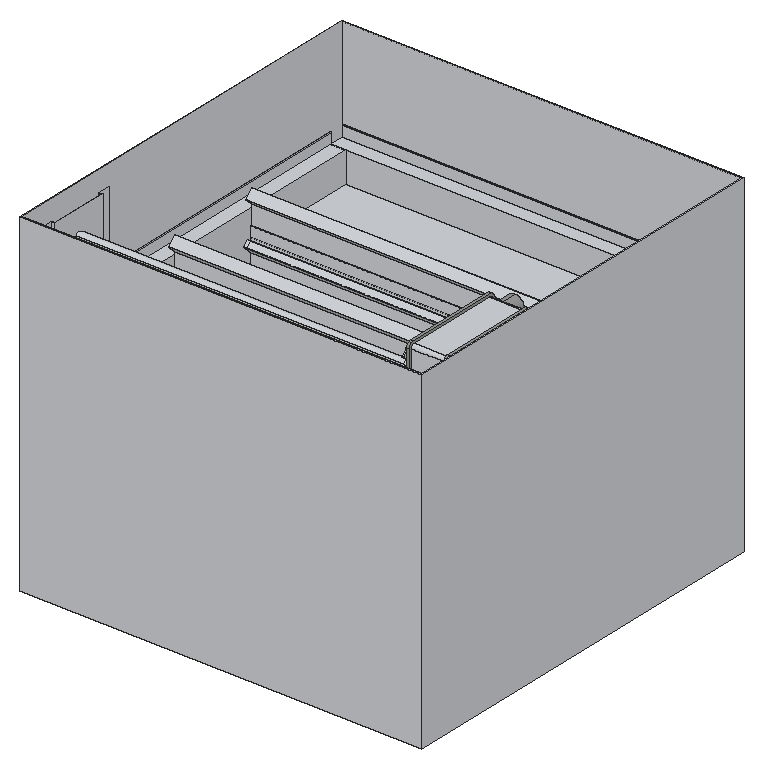
Revit family "FS-3V-CR-I, FS-3V-CR-II", category Mechanical Equipment, Revit 2015
Parameters
  URL = "https://unitedenertech.com/catalog/pdf/B-15%20%20FS-3V-CR-I.pdf"
  Type Comments = "Max. Size is 24\"w x 24\"h"
  Model = "F/S-3V-CR-I, F/S-3V-CR-II"
  Manufacturer = "United Enertech Corporation"
  Keynote = "FSLF-120 Actuator Shown In the Air Stream, Consult Factory for Out of the Air Stream Placement in Models. See Website for Correct Actuator for Damper Size."
  Exact Width = 2' - 0"
  Exact Height = 2' - 0"
  Description = "Combination Fire/Smoke Corridor Damper"
  Depth = 1' - 8"
Reference planes (in)
  plane 1 "Center (Front/Back)": y = 0
  plane 2: z = 0
  plane 3 "Center (Left/Right)": x = 0
  plane 4: x = -12
  plane 5: x = 12
  plane 6: y = 12
  plane 7: y = -12
  plane 8: z = 20
Dimensions and locks (in)
  equal spacing: plane 4, plane 3 "Center (Left/Right)", plane 5
  "Exact Width": plane 4 to plane 5
  equal spacing: plane 6, plane 1 "Center (Front/Back)", plane 7
  "Exact Height": plane 6 to plane 7
  "Depth": plane 8 to level
  aligned and locked: level to plane 2
  aligned and locked: plane 3 "Center (Left/Right)" to nested 1
  aligned and locked: plane 1 "Center (Front/Back)" to nested 1
  aligned and locked: plane 8 to nested 1
Nested families (in)
  nested 1: "FS-3V-I, FS-3V-II for CRRRR" at (0, 12, 9.5) x (1, 0, 0) z (0, -1, 0), type "FS-3V-I, FS-3V-II for CRRRR"
    with Blade Number 3, BW 1' - 9 1/2", Exact Width 2' - 0", Exact Height 2' - 0"
Definition of nested family "FS-3V-I, FS-3V-II for CRRRR"
  Parameters (values of type "FS-3V-I, FS-3V-II for CRRRR")
    URL = "http://unitedenertech.com/catalog/pdf/B-1%20%20FS-3V-I%20(-3-I)%202014.pdf-color.pdf"
    Type Comments = "Max. Single Section Size is 36\"w x 48\"h, Max. Sizes are (1.5 Hour Vertical 108\"w x 96\"h), (1.5 Hour Horizontal 72\"w x 96\"h), (3 Hour Vertical 72\"w x 48\"h), (3 Hour Horizontal 72\"w x 48\"h)"
    Model = "F/S-3V-I, F/S-3V-II"
    Manufacturer = "United Enertech Corporation"
    Keynote = "FSLF-120 Actuator Shown In the Air Stream, Consult Factory for Out of the Air Stream Placement in Models. See Website for Correct Actuator for Damper Size."
    Exact Width = 3' - 0"
    Exact Height = 3' - 3"
    Description = "Combination Fire/Smoke Damper"
    Depth = 1' - 8"
    Blade Spacing = 0' - 5 3/4"
    Blade Number [instance] = rounddown((Exact Height - 0' 3") / Blade Spacing)  # 6
    BW [instance] = Exact Width - 0' 2 1/2"  # 2' - 9 1/2"
  Reference planes (in)
    plane 1 "Center (Front/Back)": y = 0
    plane 2: z = 0
    plane 3 "Center (Left/Right)": x = 0
    plane 4: z = 39
    plane 5: x = -18
    plane 6: x = 18
    plane 7: z = 0.0359
    plane 8: z = 38.9641
    plane 9: x = -17.9641
    plane 10: x = 17.9641
    plane 11: y = 10.5
    plane 12: y = -9.5
    plane 13: y = 5
    plane 14: z = 0.9348
    plane 15: z = 38.0293
    plane 16: x = -17.0293
    plane 17: x = 17.0293
    plane 18: z = 35.27732
    plane 19: y = 4.3098
    plane 20: z = 37.5
    plane 21: z = 26.4428
    plane 22: z = 35.24218
    plane 23: z = 34.78895
    plane 24: z = 35.97045
    plane 25: y = 2.5
    plane 26: z = 19.5
  Forms (in)
    Extrusion 1, solid
      sketch origin (0, 0, 0) x (1, 0, 0) y (0, 0, 1)
        loop
          line (-17.9641, 38.9641) -> (-17.9641, 0.0359) -> (17.9641, 0.0359) -> (17.9641, 38.9641) -> (-17.9641, 38.9641)
        loop
          line (-18, 39) -> (-18, 0) -> (18, 0) -> (18, 39) -> (-18, 39)
      from -10.5 to 9.5
    Extrusion 2, solid
      sketch origin (23.93472, -8.11588, 0) x (1, 0, 0) y (0, 1, 0)
        loop
          line (-41.83902, 8.11588) -> (-41.83902, 8.17568) -> (-41.83902, 8.80608) -> (-40.96402, 8.80608) -> (-40.96402, 12.42568) -> (-41.83902, 12.42568) -> (-41.83902, 13.05608) -> (-41.83902, 13.11588) -> (-41.89882, 13.11588) -> (-41.89882, 12.36588) -> (-41.02382, 12.36588) -> (-41.02382, 8.86588) -> (-41.89882, 8.86588) -> (-41.89882, 8.11588) -> (-41.83902, 8.11588)
      from 0.9348 to 38.0293
    Extrusion 3, solid
      sketch origin (31.96104, -8.11588, 36.89882) x (0, 0, 1) y (0, 1, 0)
        loop
          line (-36.83902, 8.17568) -> (-36.83902, 8.80608) -> (-35.96402, 8.80608) -> (-35.96402, 12.42568) -> (-36.83902, 12.42568) -> (-36.83902, 13.05608) -> (-36.83902, 13.11588) -> (-36.89882, 13.11588) -> (-36.89882, 12.36588) -> (-36.02382, 12.36588) -> (-36.02382, 8.86588) -> (-36.89882, 8.86588) -> (-36.89882, 8.11588) -> (-36.83902, 8.11588) -> (-36.83902, 8.17568)
      from 13.99694 to 49.92514
    Extrusion 4, solid
      sketch origin (26.89178, -32.02709, 32.33205) x (0, -1, 0) y (0, 0, -1)
        loop
          line (-34.52709, -5.19725) -> (-34.52709, -5.69725) -> (-33.77709, -5.69725) -> (-33.77709, -5.61625) -> (-34.44609, -5.61625) -> (-34.44609, -5.19725) -> (-34.52709, -5.19725)
      from -43.92108 to -9.86248
    Extrusion 5, solid
      sketch origin (62.39247, 12.14851, 0.33329) x (0, 1, 0) y (0, 0, 1)
        loop
          line (-9.64851, 3.60151) -> (-9.72663, 3.60151) -> (-9.72663, 0.67964) -> (-10.39851, 0.67964) -> (-10.39851, 0.60151) -> (-9.64851, 0.60151) -> (-9.64851, 3.60151)
      from -79.42177 to -45.36317
    Extrusion 6, solid
      sketch origin (-23.93472, -8.11588, 0) x (-1, 0, 0) y (0, -1, 0)
        loop
          line (-41.83902, -8.11588) -> (-41.89882, -8.11588) -> (-41.89882, -8.86588) -> (-41.02382, -8.86588) -> (-41.02382, -12.36588) -> (-41.89882, -12.36588) -> (-41.89882, -13.11588) -> (-41.83902, -13.11588) -> (-41.83902, -13.05608) -> (-41.83902, -12.42568) -> (-40.96402, -12.42568) -> (-40.96402, -8.80608) -> (-41.83902, -8.80608) -> (-41.83902, -8.17568) -> (-41.83902, -8.11588)
      from 0.9348 to 38.0293
    Extrusion 7, solid
      sketch origin (31.96104, -8.11588, 11.06528) x (0, 0, -1) y (0, -1, 0)
        loop
          line (-27.83902, -8.17568) -> (-27.83902, -8.11588) -> (-27.89882, -8.11588) -> (-27.89882, -8.86588) -> (-27.02382, -8.86588) -> (-27.02382, -12.36588) -> (-27.89882, -12.36588) -> (-27.89882, -13.11588) -> (-27.83902, -13.11588) -> (-27.83902, -13.05608) -> (-27.83902, -12.42568) -> (-26.96402, -12.42568) -> (-26.96402, -8.80608) -> (-27.83902, -8.80608) -> (-27.83902, -8.17568)
      from 13.99694 to 49.92514
    Extrusion 8, solid
      sketch origin (0, 0, 0) x (0, 1, 0) y (0, 0, 1)
        loop
          line (7.9528, 35.24218) -> (7.6668, 35.24218)
          arc (7.6668, 35.24218) -> (7.8098, 34.71875) -> (7.9528, 35.24218) r 0.28125
      from -17.9641 to 17.9641
  Dimensions and locks (in)
    "Exact Height": plane 4 to level
    equal spacing: plane 5, plane 3 "Center (Left/Right)", plane 6
    "Exact Width": plane 5 to plane 6
    locked: plane 7 to level at 0.0359
    locked: plane 4 to plane 8 at 0.0359
    locked: plane 5 to plane 9 at 0.0359
    locked: plane 10 to plane 6 at 0.0359
    "Depth": plane 11 to plane 12
    locked: plane 1 "Center (Front/Back)" to plane 13 at 5
    locked: plane 14 to level at 0.9348
    locked: plane 8 to plane 15 at 0.9348
    locked: plane 16 to plane 9 at 0.9348
    locked: plane 10 to plane 17 at 0.9348
    locked: plane 4 to plane 18 at 3.72268
    locked: plane 13 to plane 19 at 0.6902
    locked: plane 4 to plane 20 at 1.5
    locked: plane 4 to plane 21 at 12.5572
    locked: plane 4 to plane 22 at 3.75782
    locked: plane 4 to plane 23 at 4.21105
    equal spacing: group 2, group 3, group 4, group 5, group 6, group 7  (x2)
    equal spacing: group 7, group 6, group 5, group 4, group 3, group 2
    "Blade Spacing": nested 4 to nested 5
    locked: plane 4 to plane 24 at 3.02955
    locked: plane 13 to plane 11 at 5.5
    locked: plane 11 to plane 25 at 8
    equal spacing: plane 4, plane 26, level
    aligned and locked: level to plane 2
    aligned and locked: Extrusion 1 sketch curve to plane 4
    aligned and locked: level to Extrusion 1 sketch curve
    aligned and locked: Extrusion 1 sketch curve to plane 5
    aligned and locked: Extrusion 1 sketch curve to plane 6
    aligned and locked: Extrusion 1 sketch curve to plane 8
    aligned and locked: plane 7 to Extrusion 1 sketch curve
    aligned and locked: plane 10 to Extrusion 1 sketch curve
    aligned and locked: plane 9 to Extrusion 1 sketch curve
    aligned and locked: plane 11 to Extrusion 1
    aligned and locked: Extrusion 1 to plane 12
    aligned and locked: Extrusion 2 to plane 9
    aligned and locked: Extrusion 6 to plane 10
    aligned and locked: Extrusion 3 to plane 9
    aligned and locked: Extrusion 3 to plane 10
    aligned and locked: Extrusion 6 to plane 14
    aligned and locked: Extrusion 2 to plane 14
    aligned and locked: plane 8 to Extrusion 7
    aligned and locked: plane 15 to Extrusion 6
    aligned and locked: plane 15 to Extrusion 2
    aligned and locked: Extrusion 7 to plane 9
    aligned and locked: Extrusion 7 to plane 10
    aligned and locked: Extrusion 5 to plane 16
    aligned and locked: plane 17 to Extrusion 5
    aligned and locked: Extrusion 7 to plane 15
    aligned and locked: plane 15 to Extrusion 4
    aligned and locked: Extrusion 4 to plane 16
    aligned and locked: plane 17 to Extrusion 4
    aligned and locked: nested 2 to plane 10
    aligned and locked: plane 9 to nested 3
    aligned and locked: nested 3 to plane 19
    aligned and locked: plane 19 to nested 2
    aligned and locked: Extrusion 8 to plane 10
    aligned and locked: Extrusion 8 to plane 9
    aligned and locked: nested 3 to plane 20
    aligned and locked: plane 20 to nested 2
    aligned and locked: plane 22 to Extrusion 8
    aligned and locked: nested 4 to plane 23
    aligned and locked: nested 4 to plane 3 "Center (Left/Right)"
    aligned and locked: plane 17 to nested 6
    aligned and locked: plane 24 to nested 6
    aligned and locked: Extrusion 5 to plane 25
    aligned and locked: Extrusion 4 to plane 25
  Automatic sketch dimensions
    Extrusion 2 sketch curve to plane 9 = 0' - 0"  (x2)
    plane 1 "Center (Front/Back)" to Extrusion 2 sketch curve = 0' - 0"
    plane 13 to Extrusion 2 sketch curve = 0' - 0"
    plane 9 to Extrusion 2 sketch curve = 0' - 0.0598"  (x2)
    Extrusion 2 sketch curve to Extrusion 2 sketch curve = 0' - 0.8152"
    Extrusion 2 sketch curve to Extrusion 2 sketch curve = 0' - 0.0598"  (x4)
    Extrusion 2 sketch curve to plane 1 "Center (Front/Back)" = 0' - 0.0598"
    Extrusion 2 sketch curve to Extrusion 2 sketch curve = 0' - 0.6304"
    Extrusion 2 sketch curve to Extrusion 2 sketch curve = 0' - 0 3/4"
    Extrusion 3 sketch curve to level = 0' - 0"  (x2)
    Extrusion 3 sketch curve to plane 1 "Center (Front/Back)" = 0' - 0"
    Extrusion 3 sketch curve to plane 13 = 0' - 0"
    Extrusion 3 sketch curve to plane 14 = 0' - 0"
    plane 7 to Extrusion 3 sketch curve = 0' - 0.0239"  (x2)
    Extrusion 3 sketch curve to plane 14 = 0' - 0.0598"
    Extrusion 3 sketch curve to plane 1 "Center (Front/Back)" = 0' - 0.0598"
    Extrusion 3 sketch curve to Extrusion 3 sketch curve = 0' - 0.6304"
    Extrusion 3 sketch curve to Extrusion 3 sketch curve = 0' - 0.0598"  (x2)
    plane 13 to Extrusion 3 sketch curve = 0' - 0 3/4"
    plane 13 to Extrusion 3 sketch curve = 0' - 0.0598"
    Extrusion 4 sketch curve to plane 8 = 0' - 1.4348"
    plane 12 to Extrusion 4 sketch curve = 1' - 0"
    Extrusion 4 sketch curve to Extrusion 4 sketch curve = 0' - 0.081"  (x2)
    Extrusion 4 sketch curve to Extrusion 4 sketch curve = 0' - 0.669"
    Extrusion 4 sketch curve to Extrusion 4 sketch curve = 0' - 0.419"
    Extrusion 5 sketch curve to plane 14 = 0' - 0"
    plane 14 to Extrusion 5 sketch curve = 0' - 0 5/64"
    plane 12 to Extrusion 5 sketch curve = 0' - 11 1/4"
    Extrusion 5 sketch curve to Extrusion 5 sketch curve = 0' - 0 43/64"
    Extrusion 5 sketch curve to Extrusion 5 sketch curve = 0' - 0 5/64"
    Extrusion 5 sketch curve to Extrusion 5 sketch curve = 0' - 2 59/64"
    Extrusion 6 sketch curve to plane 10 = 0' - 0"  (x2)
    plane 1 "Center (Front/Back)" to Extrusion 6 sketch curve = 0' - 0"
    plane 13 to Extrusion 6 sketch curve = 0' - 0"
    Extrusion 6 sketch curve to plane 10 = 0' - 0.0598"  (x2)
    Extrusion 6 sketch curve to Extrusion 6 sketch curve = 0' - 0.8152"
    Extrusion 6 sketch curve to Extrusion 6 sketch curve = 0' - 0.0598"  (x3)
    plane 1 "Center (Front/Back)" to Extrusion 6 sketch curve = 0' - 0.0598"
    Extrusion 6 sketch curve to Extrusion 6 sketch curve = 0' - 0.6304"
    Extrusion 6 sketch curve to plane 13 = 0' - 0 3/4"
    Extrusion 6 sketch curve to plane 13 = 0' - 0.0598"
    Extrusion 7 sketch curve to plane 1 "Center (Front/Back)" = 0' - 0"
    Extrusion 7 sketch curve to plane 13 = 0' - 0"
    plane 13 to Extrusion 7 sketch curve = 0' - 0 3/4"
    Extrusion 7 sketch curve to plane 8 = 0' - 0"
    Extrusion 7 sketch curve to Extrusion 7 sketch curve = 0' - 0"
    Extrusion 7 sketch curve to Extrusion 7 sketch curve = 0' - 0.0598"  (x6)
    Extrusion 7 sketch curve to Extrusion 7 sketch curve = 0' - 0.8152"
    Extrusion 7 sketch curve to plane 1 "Center (Front/Back)" = 0' - 0 3/4"
    Extrusion 7 sketch curve to plane 1 "Center (Front/Back)" = 0' - 0.0598"
    Extrusion 8 sketch curve to plane 18 = 0' - 0.27732"
    Extrusion 8 sketch curve to plane 13 = 0' - 2.8098"
    Extrusion 8 sketch curve to plane 18 = 0' - 0 9/256"
    Extrusion 8 sketch curve to Extrusion 8 sketch curve = 0' - 0.143"
  Nested families (in)
    nested 1: "160BL" at (62.39247, -25.11688, 30.67097), type "160BL", not visible
      with Blade Width 2' - 9 1/2"
    nested 2: "Fire Smoke Actuator Bracket" at (18.23913, 4.3098, 36.56141) x (0, 0, 1) z (0, 1, 0), type "Fire Smoke Actuator Bracket"
    nested 3: "Fire Smoke Actuator Bracket" at (-18.23913, 4.3098, 36.56141) x (0, 0, 1) z (0, 1, 0), type "Fire Smoke Actuator Bracket"
    nested 4: "3VBLADE" at (0, -1.33126, 33.20661), type "3VBLADE"
      with Blade Width 2' - 9 1/2"
    nested 5: "3VBLADE" at (0, -1.33126, 27.45661), type "3VBLADE"
      with Blade Width 2' - 9 1/2"
    nested 6: "FSLF-120" at (14.8204, 12.99816, 27.76305), type "FSLF-120"
    nested 7: "3VBLADE" at (0, -1.33126, 21.70661), type "3VBLADE"
      with Blade Width 2' - 9 1/2"
    nested 8: "3VBLADE" at (0, -1.33126, 15.95661), type "3VBLADE"
      with Blade Width 2' - 9 1/2"
    nested 9: "3VBLADE" at (0, -1.33126, 10.20661), type "3VBLADE"
      with Blade Width 2' - 9 1/2"
    nested 10: "3VBLADE" at (0, -1.33126, 4.45661), type "3VBLADE"
      with Blade Width 2' - 9 1/2"
  Definition of nested family "160BL"
    Parameters (values of type "160BL")
      Blade Width = 2' - 0"
    Reference planes (in)
      plane 1 "Center (Front/Back)": y = 0
      plane 2: z = 0
      plane 3 "Center (Left/Right)": x = 0
      plane 4: x = -12
      plane 5: x = 12
      plane 6: x = 13
      plane 7: x = 10
      plane 8: x = -10
      plane 9: x = -13
    Forms (in)
      Extrusion 1, solid
        sketch origin (-29.66395, -41.88595, -4.51752) x (0, -1, 0) y (0, 0, -1)
          loop
            line (-42.3214, -5.69562) -> (-42.3214, -6.04405) -> (-41.94647, -6.04405) -> (-41.94647, -5.69562) -> (-42.3214, -5.69562)
        from 39.66395 to 42.66395
      Extrusion 2, solid
        sketch origin (-29.66395, -42.01854, -6.8342) x (0, -1, 0) y (0, 0, -1)
          loop
            line (-43.46599, -7.97904) -> (-43.51899, -7.97904) -> (-43.51899, -8.39235) -> (-42.90411, -8.41377) -> (-42.50696, -8.41377) -> (-42.50696, -8.36074) -> (-42.90411, -8.36074) -> (-43.46599, -8.34116) -> (-43.46599, -7.97904)
        from 17.66395 to 41.66395
      Extrusion 3, solid
        sketch origin (-29.66395, -42.01854, -6.8342) x (0, -1, 0) y (0, 0, -1)
          loop
            line (-43.41296, -8.32667) -> (-43.41296, -8.03022) -> (-42.89933, -8.01224) -> (-42.50696, -8.01224) -> (-42.50696, -8.41377) -> (-42.02598, -8.41377) -> (-42.02598, -8.0123) -> (-41.62883, -8.0123) -> (-41.11996, -8.03003) -> (-41.11996, -8.32648) -> (-41.06699, -8.32648) -> (-41.06699, -7.97904) -> (-41.63442, -7.95927) -> (-42.07906, -7.95927) -> (-42.07906, -8.36074) -> (-42.45398, -8.36074) -> (-42.45398, -7.95927) -> (-42.90119, -7.95927) -> (-43.46596, -7.97904) -> (-43.46596, -8.32667) -> (-43.41296, -8.32667)
        from 17.66395 to 41.66395
      Extrusion 4, solid
        sketch origin (-29.66395, -42.01854, -6.8342) x (0, -1, 0) y (0, 0, -1)
          loop
            line (-42.45398, -7.95927) -> (-42.45398, -8.01224) -> (-42.07906, -8.01224) -> (-42.07906, -7.95927) -> (-42.45398, -7.95927)
        from 17.66395 to 41.66395
      Extrusion 5, solid
        sketch origin (-29.66395, -42.01854, -6.8342) x (0, -1, 0) y (0, 0, -1)
          loop
            line (-41.06705, -7.97904) -> (-41.06705, -8.34116) -> (-41.62893, -8.36074) -> (-42.02598, -8.36074) -> (-42.02598, -8.41377) -> (-41.62893, -8.41377) -> (-41.01405, -8.39235) -> (-41.01405, -7.97904) -> (-41.06705, -7.97904)
        from 17.66395 to 41.66395
      Extrusion 6, solid
        sketch origin (-29.66395, -42.01854, -6.8342) x (0, -1, 0) y (0, 0, -1)
          loop
            line (-45.11444, -8.04212) -> (-45.14143, -8.06102) -> (-45.14143, -8.15472) -> (-43.65311, -8.44766) -> (-43.61881, -8.3631) -> (-43.58593, -8.44056) -> (-40.94517, -8.44056) -> (-40.91325, -8.36156) -> (-40.87962, -8.44109) -> (-40.06454, -8.37558) -> (-40.01199, -8.16476) -> (-39.44168, -8.27557) -> (-39.41851, -8.2524) -> (-40.03184, -8.13323) -> (-40.08641, -8.35172) -> (-40.86, -8.41376) -> (-40.88095, -8.33556) -> (-40.94478, -8.33556) -> (-40.96652, -8.41377) -> (-43.56615, -8.41377) -> (-43.58705, -8.33578) -> (-43.65168, -8.33578) -> (-43.67323, -8.41619) -> (-45.11444, -8.13252) -> (-45.11444, -8.04212)
        from 17.66395 to 41.66395
      Extrusion 7, solid
        sketch origin (-29.66395, 42.51351, 9.53877) x (0, 1, 0) y (0, 0, 1)
          loop
            line (-45.11444, -8.04212) -> (-45.14143, -8.06102) -> (-45.14143, -8.15472) -> (-43.65311, -8.44766) -> (-43.61881, -8.3631) -> (-43.58593, -8.44056) -> (-40.94517, -8.44056) -> (-40.91325, -8.36156) -> (-40.87962, -8.44109) -> (-40.06454, -8.37558) -> (-40.01199, -8.16476) -> (-39.44168, -8.27557) -> (-39.41851, -8.2524) -> (-40.03184, -8.13323) -> (-40.08641, -8.35172) -> (-40.86, -8.41376) -> (-40.88095, -8.33556) -> (-40.94478, -8.33556) -> (-40.96652, -8.41377) -> (-43.56615, -8.41377) -> (-43.58705, -8.33578) -> (-43.65168, -8.33578) -> (-43.67323, -8.41619) -> (-45.11444, -8.13252) -> (-45.11444, -8.04212)
        from 17.66395 to 41.66395
      Extrusion 8, solid
        sketch origin (-63.16395, -41.88595, -4.51752) x (0, -1, 0) y (0, 0, -1)
          loop
            line (-42.3214, -5.69562) -> (-42.3214, -6.04405) -> (-41.94647, -6.04405) -> (-41.94647, -5.69562) -> (-42.3214, -5.69562)
        from 50.16395 to 53.16395
    Dimensions and locks (in)
      equal spacing: plane 4, plane 3 "Center (Left/Right)", plane 5
      "Blade Width": plane 4 to plane 5
      locked: plane 7 to plane 5 at 2
      locked: plane 5 to plane 6 at 1
      locked: plane 4 to plane 8 at 2
      locked: plane 9 to plane 4 at 1
      aligned and locked: level to plane 2
      aligned and locked: plane 5 to Extrusion 6
      aligned and locked: plane 5 to Extrusion 7
      aligned and locked: plane 5 to Extrusion 5
      aligned and locked: plane 5 to Extrusion 3
      aligned and locked: plane 5 to Extrusion 2
      aligned and locked: Extrusion 1 to plane 6
      aligned and locked: plane 5 to Extrusion 4
      aligned and locked: plane 7 to Extrusion 1
      aligned and locked: Extrusion 8 to plane 9
      aligned and locked: Extrusion 8 to plane 8
      aligned and locked: plane 4 to Extrusion 6
      aligned and locked: plane 4 to Extrusion 7
      aligned and locked: plane 4 to Extrusion 2
      aligned and locked: plane 4 to Extrusion 3
      aligned and locked: plane 4 to Extrusion 5
      aligned and locked: plane 4 to Extrusion 4
    Automatic sketch dimensions
      Extrusion 1 sketch curve to plane 1 "Center (Front/Back)" = 0' - 0.43545"
      Extrusion 1 sketch curve to plane 1 "Center (Front/Back)" = 0' - 0.06052"
      level to Extrusion 1 sketch curve = 0' - 1.52654"
      Extrusion 1 sketch curve to Extrusion 1 sketch curve = 0' - 0.34843"
      Extrusion 2 sketch curve to plane 1 "Center (Front/Back)" = 0' - 1.50045"
      Extrusion 2 sketch curve to Extrusion 2 sketch curve = 0' - 0.053"
      Extrusion 2 sketch curve to Extrusion 2 sketch curve = 0' - 0.56188"
      Extrusion 2 sketch curve to Extrusion 2 sketch curve = 0' - 0"
      Extrusion 2 sketch curve to Extrusion 2 sketch curve = 0' - 0.39715"
      level to Extrusion 2 sketch curve = 0' - 1.57957"
      Extrusion 2 sketch curve to Extrusion 2 sketch curve = 0' - 0.02142"
      Extrusion 2 sketch curve to Extrusion 2 sketch curve = 0' - 0.05303"
      Extrusion 2 sketch curve to Extrusion 2 sketch curve = 0' - 0.05119"
      Extrusion 2 sketch curve to Extrusion 2 sketch curve = 0' - 0.36212"
      Extrusion 3 sketch curve to plane 1 "Center (Front/Back)" = 0' - 1.44742"
      Extrusion 3 sketch curve to Extrusion 3 sketch curve = 0' - 0.053"
      Extrusion 3 sketch curve to Extrusion 3 sketch curve = 0' - 0.51177"
      Extrusion 3 sketch curve to Extrusion 3 sketch curve = 0' - 0.00185"
      Extrusion 3 sketch curve to plane 1 "Center (Front/Back)" = 0' - 0.48842"
      Extrusion 3 sketch curve to Extrusion 3 sketch curve = 0' - 0.05297"  (x3)
      Extrusion 3 sketch curve to plane 1 "Center (Front/Back)" = 0' - 0.06052"
      Extrusion 3 sketch curve to plane 1 "Center (Front/Back)" = 0' - 0.00745"
      plane 1 "Center (Front/Back)" to Extrusion 3 sketch curve = 0' - 0.38411"
      Extrusion 3 sketch curve to Extrusion 3 sketch curve = 0' - 0.00559"
      Extrusion 3 sketch curve to Extrusion 3 sketch curve = 0' - 0.50887"
      level to Extrusion 3 sketch curve = 0' - 1.57957"
      Extrusion 3 sketch curve to Extrusion 3 sketch curve = 0' - 0.05303"  (x2)
      Extrusion 3 sketch curve to Extrusion 3 sketch curve = 0' - 0.0871"
      Extrusion 3 sketch curve to Extrusion 3 sketch curve = 0' - 0.08729"
      Extrusion 3 sketch curve to Extrusion 3 sketch curve = 0' - 0.29645"  (x2)
      Extrusion 3 sketch curve to Extrusion 3 sketch curve = 0' - 0.34843"
      Extrusion 3 sketch curve to Extrusion 3 sketch curve = 0' - 0.01798"
      Extrusion 3 sketch curve to Extrusion 3 sketch curve = 0' - 0.05099"
      Extrusion 3 sketch curve to Extrusion 3 sketch curve = 0' - 0.05118"
      Extrusion 4 sketch curve to plane 1 "Center (Front/Back)" = 0' - 0.43545"
      Extrusion 4 sketch curve to plane 1 "Center (Front/Back)" = 0' - 0.06052"
      level to Extrusion 4 sketch curve = 0' - 1.17804"
      Extrusion 4 sketch curve to Extrusion 4 sketch curve = 0' - 0.05297"
      Extrusion 5 sketch curve to plane 1 "Center (Front/Back)" = 0' - 0.00745"
      plane 1 "Center (Front/Back)" to Extrusion 5 sketch curve = 0' - 0.3896"
      Extrusion 5 sketch curve to Extrusion 5 sketch curve = 0' - 0"
      Extrusion 5 sketch curve to Extrusion 5 sketch curve = 0' - 0.56188"
      Extrusion 5 sketch curve to Extrusion 5 sketch curve = 0' - 0.053"
      level to Extrusion 5 sketch curve = 0' - 1.57957"
      Extrusion 5 sketch curve to Extrusion 5 sketch curve = 0' - 0.02142"
      Extrusion 5 sketch curve to Extrusion 5 sketch curve = 0' - 0.05303"
      Extrusion 5 sketch curve to Extrusion 5 sketch curve = 0' - 0.05119"
      Extrusion 5 sketch curve to Extrusion 5 sketch curve = 0' - 0.36212"
      level to Extrusion 6 sketch curve = 0' - 1.32052"
      Extrusion 6 sketch curve to plane 1 "Center (Front/Back)" = 0' - 3.12289"
      level to Extrusion 6 sketch curve = 0' - 1.20792"
      Extrusion 6 sketch curve to Extrusion 6 sketch curve = 0' - 0.02699"
      Extrusion 6 sketch curve to Extrusion 6 sketch curve = 0' - 1.44121"
      Extrusion 6 sketch curve to Extrusion 6 sketch curve = 0' - 0.02012"
      Extrusion 6 sketch curve to Extrusion 6 sketch curve = 0' - 0.02155"
      Extrusion 6 sketch curve to Extrusion 6 sketch curve = 0' - 0.03287"
      Extrusion 6 sketch curve to Extrusion 6 sketch curve = 0' - 0.03176"
      Extrusion 6 sketch curve to Extrusion 6 sketch curve = 0' - 0.06717"
      Extrusion 6 sketch curve to Extrusion 6 sketch curve = 0' - 0.01978"
      plane 1 "Center (Front/Back)" to Extrusion 6 sketch curve = 0' - 1.05202"
      Extrusion 6 sketch curve to Extrusion 6 sketch curve = 0' - 0.02136"
      Extrusion 6 sketch curve to Extrusion 6 sketch curve = 0' - 0.02174"
      Extrusion 6 sketch curve to Extrusion 6 sketch curve = 0' - 0.03153"  (x2)
      Extrusion 6 sketch curve to Extrusion 6 sketch curve = 0' - 0.0323"
      Extrusion 6 sketch curve to Extrusion 6 sketch curve = 0' - 0.06554"
      Extrusion 6 sketch curve to Extrusion 6 sketch curve = 0' - 0.01963"
      Extrusion 6 sketch curve to Extrusion 6 sketch curve = 0' - 0.77359"
      Extrusion 6 sketch curve to Extrusion 6 sketch curve = 0' - 0.02187"
      Extrusion 6 sketch curve to Extrusion 6 sketch curve = 0' - 0.05457"
      Extrusion 6 sketch curve to Extrusion 6 sketch curve = 0' - 0.01985"
      Extrusion 6 sketch curve to Extrusion 6 sketch curve = 0' - 0 73/128"
      Extrusion 6 sketch curve to Extrusion 6 sketch curve = 0' - 0.02317"  (x2)
      level to Extrusion 6 sketch curve = 0' - 1.33056"
      Extrusion 6 sketch curve to Extrusion 6 sketch curve = 0' - 0.08764"
      Extrusion 6 sketch curve to Extrusion 6 sketch curve = 0' - 0.1708"
      level to Extrusion 6 sketch curve = 0' - 1.50158"
      Extrusion 6 sketch curve to Extrusion 6 sketch curve = 0' - 0.18696"
      Extrusion 6 sketch curve to Extrusion 6 sketch curve = 0' - 0.02601"
      Extrusion 6 sketch curve to Extrusion 6 sketch curve = 0' - 0 7/256"  (x2)
      Extrusion 6 sketch curve to Extrusion 6 sketch curve = 0' - 0.02386"
      Extrusion 6 sketch curve to Extrusion 6 sketch curve = 0' - 0.05219"
      Extrusion 6 sketch curve to Extrusion 6 sketch curve = 0' - 0.05067"
      Extrusion 6 sketch curve to Extrusion 6 sketch curve = 0' - 0.05309"
      Extrusion 6 sketch curve to Extrusion 6 sketch curve = 0' - 0.02679"
      Extrusion 6 sketch curve to Extrusion 6 sketch curve = 0' - 0.03147"
      Extrusion 6 sketch curve to Extrusion 6 sketch curve = 0' - 0.0222"
      Extrusion 6 sketch curve to Extrusion 6 sketch curve = 0' - 0.0189"
      plane 1 "Center (Front/Back)" to Extrusion 7 sketch curve = 0' - 2.62792"
      Extrusion 7 sketch curve to Extrusion 7 sketch curve = 0' - 0.02699"
      plane 1 "Center (Front/Back)" to Extrusion 7 sketch curve = 0' - 1.15972"
      Extrusion 7 sketch curve to Extrusion 7 sketch curve = 0' - 0.02012"
      Extrusion 7 sketch curve to Extrusion 7 sketch curve = 0' - 0.02155"
      Extrusion 7 sketch curve to Extrusion 7 sketch curve = 0' - 0.03287"
      Extrusion 7 sketch curve to Extrusion 7 sketch curve = 0' - 0.03176"
      Extrusion 7 sketch curve to Extrusion 7 sketch curve = 0' - 0.06717"
      Extrusion 7 sketch curve to Extrusion 7 sketch curve = 0' - 0.01978"
      Extrusion 7 sketch curve to plane 1 "Center (Front/Back)" = 0' - 1.54699"
      Extrusion 7 sketch curve to Extrusion 7 sketch curve = 0' - 0.02136"
      Extrusion 7 sketch curve to Extrusion 7 sketch curve = 0' - 0.02174"
      Extrusion 7 sketch curve to Extrusion 7 sketch curve = 0' - 0.03153"  (x2)
      Extrusion 7 sketch curve to Extrusion 7 sketch curve = 0' - 0.0323"
      Extrusion 7 sketch curve to Extrusion 7 sketch curve = 0' - 0.06554"
      Extrusion 7 sketch curve to Extrusion 7 sketch curve = 0' - 0.01963"
      level to Extrusion 7 sketch curve = 0' - 1.18705"
      Extrusion 7 sketch curve to Extrusion 7 sketch curve = 0' - 0.77359"
      level to Extrusion 7 sketch curve = 0' - 1.16319"
      Extrusion 7 sketch curve to Extrusion 7 sketch curve = 0' - 0.02187"
      Extrusion 7 sketch curve to Extrusion 7 sketch curve = 0' - 0.05457"
      Extrusion 7 sketch curve to Extrusion 7 sketch curve = 0' - 0.01985"
      level to Extrusion 7 sketch curve = 0' - 1.2632"
      Extrusion 7 sketch curve to Extrusion 7 sketch curve = 0' - 0 73/128"
      level to Extrusion 7 sketch curve = 0' - 1.28637"
      Extrusion 7 sketch curve to Extrusion 7 sketch curve = 0' - 0.02317"
      Extrusion 7 sketch curve to Extrusion 7 sketch curve = 0' - 0.06204"
      level to Extrusion 7 sketch curve = 0' - 1 1/8"
      Extrusion 7 sketch curve to Extrusion 7 sketch curve = 0' - 0.00242"
      Extrusion 7 sketch curve to Extrusion 7 sketch curve = 0' - 0.02679"
      Extrusion 7 sketch curve to Extrusion 7 sketch curve = 0' - 0 7/256"  (x2)
      Extrusion 7 sketch curve to Extrusion 7 sketch curve = 0' - 0.03147"
      Extrusion 7 sketch curve to Extrusion 7 sketch curve = 0' - 0.05067"
      Extrusion 7 sketch curve to Extrusion 7 sketch curve = 0' - 0.05219"
      Extrusion 7 sketch curve to Extrusion 7 sketch curve = 0' - 0.02601"
      Extrusion 7 sketch curve to Extrusion 7 sketch curve = 0' - 0.18696"
      level to Extrusion 7 sketch curve = 0' - 1.38405"
      Extrusion 7 sketch curve to Extrusion 7 sketch curve = 0' - 0.0222"
      Extrusion 7 sketch curve to Extrusion 7 sketch curve = 0' - 0.07151"
      Extrusion 7 sketch curve to Extrusion 7 sketch curve = 0' - 0.0189"
      Extrusion 8 sketch curve to plane 1 "Center (Front/Back)" = 0' - 0.43545"
      Extrusion 8 sketch curve to plane 1 "Center (Front/Back)" = 0' - 0.06052"
      level to Extrusion 8 sketch curve = 0' - 1.52654"
      Extrusion 8 sketch curve to Extrusion 8 sketch curve = 0' - 0.34843"
  Definition of nested family "Fire Smoke Actuator Bracket"
    Reference planes (in)
      plane 1 "Center (Front/Back)": y = 0
      plane 2: z = 0
      plane 3 "Center (Left/Right)": x = 0
    Forms (in)
      Extrusion 1, solid
        sketch origin (54.09185, -14.49387, 0) x (1, 0, 0) y (0, 1, 0)
          loop
            line (-53.15326, 14.21883) -> (-53.90326, 14.21883) -> (-53.90326, 14.00399) -> (-57.40326, 14.00399) -> (-57.40326, 14.21883) -> (-58.15326, 14.21883) -> (-58.15326, 14.18293) -> (-57.43842, 14.18293) -> (-57.43842, 13.96883) -> (-53.8681, 13.96883) -> (-53.8681, 14.18293) -> (-53.15326, 14.18293) -> (-53.15326, 14.21883)
        from 0 to 5
      Extrusion 2, void
        sketch origin (0, 0, 0) x (1, 0, 0) y (0, 0, 1)
          loop
            circle (-1.56141, 3.5) r 0.28125
        from 0 to 1.04299
    Cuts and joins
      Extrusion 2 cuts Extrusion 1
    Dimensions and locks (in)
      aligned and locked: level to plane 2
  Definition of nested family "3VBLADE"
    Parameters (values of type "3VBLADE")
      Blade Width = 2' - 0"
    Reference planes (in)
      plane 1 "Center (Front/Back)": y = 0
      plane 2: z = 0
      plane 3 "Center (Left/Right)": x = 0
      plane 4: x = -12
      plane 5: x = 12
      plane 6: x = -12.5
      plane 7: x = 12.5
    Forms (in)
      Extrusion 1, solid
        sketch origin (0, 0, 0) x (0, 1, 0) y (0, 0, 1)
          loop
            line (-0.70195, 1.51199) -> (-0.74444, 1.55448) -> (-1.14666, 1.15225) -> (-1.57675, 1.58234) -> (-3.40117, 1.58234) -> (-3.83126, 1.15225) -> (-4.26135, 1.58234) -> (-6.06088, 1.58234) -> (-6.51586, 2.03732) -> (-6.96057, 1.59261) -> (-6.91809, 1.55012) -> (-6.51586, 1.95235) -> (-6.08577, 1.52226) -> (-4.28624, 1.52226) -> (-3.83126, 1.06728) -> (-3.37629, 1.52226) -> (-1.60164, 1.52226) -> (-1.14666, 1.06728) -> (-0.70195, 1.51199)
        from -12 to 12
      Extrusion 2, solid
        sketch origin (0, 0, 0) x (0, 1, 0) y (0, 0, 1)
          loop
            line (-3.56573, 1.61238) -> (-3.83126, 1.87791) -> (-4.09679, 1.61238) -> (-3.83126, 1.34685) -> (-3.56573, 1.61238)
        from -12.5 to 12.5
      Extrusion 3, solid
        sketch origin (0, 0, 0) x (0, 1, 0) y (0, 0, 1)
          loop
            line (-2.71072, 1.58234) -> (-2.71072, 1.64242) -> (-3.53569, 1.64242) -> (-3.83126, 1.34685) -> (-4.12683, 1.64242) -> (-4.95181, 1.64242) -> (-4.95181, 1.58234) -> (-4.15172, 1.58234) -> (-3.83126, 1.26188) -> (-3.5108, 1.58234) -> (-2.71072, 1.58234)
        from -12 to 12
      Extrusion 4, solid
        sketch origin (0, 0, 0) x (0, 1, 0) y (0, 0, 1)
          loop
            line (-3.56573, 1.61238) -> (-3.51056, 1.64218) -> (-3.83126, 1.96288) -> (-4.15196, 1.64218) -> (-4.09679, 1.61238) -> (-3.83126, 1.87791) -> (-3.56573, 1.61238)
        from -12 to 12
    Dimensions and locks (in)
      equal spacing: plane 4, plane 3 "Center (Left/Right)", plane 5
      "Blade Width": plane 4 to plane 5
      locked: plane 5 to plane 7 at 0.5
      locked: plane 6 to plane 4 at 0.5
      aligned and locked: level to plane 2
      aligned and locked: plane 4 to Extrusion 1
      aligned and locked: plane 5 to Extrusion 1
      aligned and locked: plane 5 to Extrusion 3
      aligned and locked: plane 4 to Extrusion 3
      aligned and locked: plane 5 to Extrusion 4
      aligned and locked: Extrusion 2 to plane 7
      aligned and locked: plane 4 to Extrusion 4
      aligned and locked: plane 6 to Extrusion 2
    Automatic sketch dimensions
      plane 1 "Center (Front/Back)" to Extrusion 1 sketch curve = 0' - 0.70195"
      level to Extrusion 1 sketch curve = 0' - 1.51199"
      Extrusion 1 sketch curve to Extrusion 1 sketch curve = 0' - 0.04248"
      Extrusion 1 sketch curve to Extrusion 1 sketch curve = 0' - 0.44471"  (x2)
      Extrusion 1 sketch curve to Extrusion 1 sketch curve = 0' - 0"  (x2)
      level to Extrusion 1 sketch curve = 0' - 1.52226"  (x2)
      Extrusion 1 sketch curve to Extrusion 1 sketch curve = 0' - 0.02489"  (x2)
      Extrusion 1 sketch curve to Extrusion 1 sketch curve = 0' - 1.77464"
      level to Extrusion 1 sketch curve = 0' - 1.15225"
      Extrusion 1 sketch curve to Extrusion 1 sketch curve = 0' - 0.45498"
      level to Extrusion 1 sketch curve = 0' - 1.06728"
      Extrusion 1 sketch curve to Extrusion 1 sketch curve = 0' - 1.79953"
      level to Extrusion 1 sketch curve = 0' - 1.95235"
      Extrusion 1 sketch curve to Extrusion 1 sketch curve = 0' - 0.43009"
      level to Extrusion 1 sketch curve = 0' - 1.55012"
      level to Extrusion 1 sketch curve = 0' - 1.59261"
      level to Extrusion 1 sketch curve = 0' - 2.03732"
      level to Extrusion 1 sketch curve = 0' - 1.58234"
      plane 1 "Center (Front/Back)" to Extrusion 2 sketch curve = 0' - 4.09679"
      Extrusion 2 sketch curve to Extrusion 2 sketch curve = 0' - 0.26553"  (x3)
      level to Extrusion 2 sketch curve = 0' - 1.34685"
      plane 1 "Center (Front/Back)" to Extrusion 3 sketch curve = 0' - 2.71072"
      level to Extrusion 3 sketch curve = 0' - 1.64242"  (x2)
      Extrusion 3 sketch curve to Extrusion 3 sketch curve = 0' - 0.82497"  (x2)
      Extrusion 3 sketch curve to Extrusion 3 sketch curve = 0' - 0.06008"
      Extrusion 3 sketch curve to Extrusion 3 sketch curve = 0' - 0.02489"  (x2)
      level to Extrusion 3 sketch curve = 0' - 1.26188"
      Extrusion 3 sketch curve to Extrusion 3 sketch curve = 0' - 0.32046"
      level to Extrusion 3 sketch curve = 0' - 1.34685"
      Extrusion 3 sketch curve to Extrusion 3 sketch curve = 0' - 0"
      plane 1 "Center (Front/Back)" to Extrusion 4 sketch curve = 0' - 3.83126"
      level to Extrusion 4 sketch curve = 0' - 1.87791"
      Extrusion 4 sketch curve to Extrusion 4 sketch curve = 0' - 0"
      level to Extrusion 4 sketch curve = 0' - 1.61238"  (x2)
      Extrusion 4 sketch curve to Extrusion 4 sketch curve = 0' - 0.26553"
      Extrusion 4 sketch curve to Extrusion 4 sketch curve = 0' - 0.05517"  (x2)
      Extrusion 4 sketch curve to Extrusion 4 sketch curve = 0' - 0.08497"
      level to Extrusion 4 sketch curve = 0' - 1.64218"
  Definition of nested family "FSLF-120"
    Reference planes (in)
      plane 1 "Center (Front/Back)": y = 0
      plane 2: z = 0
      plane 3 "Center (Left/Right)": x = 0
    Forms (in)
      Extrusion 1, solid
        sketch origin (0, 0, 0) x (0, 1, 0) y (0, 0, 1)
          loop
            arc (-3.58331, 2.09938) -> (-3.44059, 2.1585) -> (-3.38147, 2.30122) r 0.20184
            line (-3.38147, 2.30122) -> (-3.38147, 7.89928)
            arc (-3.38147, 7.89928) -> (-3.44059, 8.042) -> (-3.58331, 8.10111) r 0.20184
            line (-3.58331, 8.10111) -> (-6.82752, 8.10111)
            arc (-6.82752, 8.10111) -> (-6.97024, 8.042) -> (-7.02936, 7.89928) r 0.20184
            line (-7.02936, 7.89928) -> (-7.02936, 2.30122)
            arc (-7.02936, 2.30122) -> (-6.97024, 2.1585) -> (-6.82752, 2.09938) r 0.20184
            line (-6.82752, 2.09938) -> (-3.58331, 2.09938)
          loop
            circle (-4.59401, 4.1698) r 0.10344
          loop
            circle (-5.18836, 7.24712) r 0.27109
        from 0 to 2.0647
      Extrusion 2, solid
        sketch origin (0, 0, 0) x (0, 1, 0) y (0, 0, 1)
          loop
            line (-5.07889, 1.84303) -> (-5.07889, 1.35428)
            arc (-5.07889, 1.35428) -> (-4.1161, 1.55637) -> (-3.27519, 2.06694) r 2.91799
            line (-3.27519, 2.06694) -> (-3.27519, 7.89928)
            arc (-3.27519, 7.89928) -> (-3.36543, 8.11715) -> (-3.58331, 8.2074) r 0.30812
            line (-3.58331, 8.2074) -> (-6.82752, 8.2074)
            arc (-6.82752, 8.2074) -> (-7.0454, 8.11715) -> (-7.13564, 7.89928) r 0.30812
            line (-7.13564, 7.89928) -> (-7.13564, 2.09702)
            arc (-7.13564, 2.09702) -> (-6.28174, 1.56481) -> (-5.29782, 1.35428) r 2.91799
            line (-5.29782, 1.35428) -> (-5.29782, 1.84303)
            arc (-5.29782, 1.84303) -> (-5.18836, 1.95249) -> (-5.07889, 1.84303) r 0.10947
          loop
            circle (-4.59401, 4.1698) r 0.28363
          loop
            circle (-5.18836, 7.24712) r 0.27109
        from 0 to -0.1442
      Extrusion 3, solid
        sketch origin (0, 0, 0) x (0, 1, 0) y (0, 0, 1)
          loop
            line (-5.07889, 1.84303) -> (-5.07889, 1.35428)
            arc (-5.07889, 1.35428) -> (-4.1161, 1.55637) -> (-3.27519, 2.06694) r 2.91799
            line (-3.27519, 2.06694) -> (-3.27519, 7.89928)
            arc (-3.27519, 7.89928) -> (-3.36543, 8.11715) -> (-3.58331, 8.2074) r 0.30812
            line (-3.58331, 8.2074) -> (-6.82752, 8.2074)
            arc (-6.82752, 8.2074) -> (-7.0454, 8.11715) -> (-7.13564, 7.89928) r 0.30812
            line (-7.13564, 7.89928) -> (-7.13564, 2.09702)
            arc (-7.13564, 2.09702) -> (-6.28174, 1.56481) -> (-5.29782, 1.35428) r 2.91799
            line (-5.29782, 1.35428) -> (-5.29782, 1.84303)
            arc (-5.29782, 1.84303) -> (-5.18836, 1.95249) -> (-5.07889, 1.84303) r 0.10947
          loop
            circle (-4.59401, 4.1698) r 0.28363
          loop
            circle (-5.18836, 7.24712) r 0.27109
        from 2.2089 to 2.0647
      Revolve 4, solid
        sketch origin (0.70002, 0, 0) x (0, 1, 0) y (0, 0, 1)
          loop
            line (-4.0031, 0.95098) -> (-3.92703, 0.95098) -> (-3.92703, 1.1774) -> (-3.48966, 1.1774) -> (-3.48966, 2.15927) -> (-4.0031, 2.15927) -> (-4.0031, 0.95098)
          axis (-4.0031, 0.95098) -> (-4.0031, 2.15927)
        angle from 0 to 360
      Revolve 5, solid
        sketch origin (0.70002, -10.37672, 0) x (0, -1, 0) y (0, 0, -1)
          loop
            line (-4.0031, -0.95098) -> (-4.0031, -2.15927) -> (-3.48966, -2.15927) -> (-3.48966, -1.1774) -> (-3.92703, -1.1774) -> (-3.92703, -0.95098) -> (-4.0031, -0.95098)
          axis (-4.0031, -0.95098) -> (-4.0031, -2.15927)
        angle from 0 to 360
      Extrusion 6, solid
        sketch origin (0, 0, 0) x (0, 1, 0) y (0, 0, 1)
          loop
            circle (-5.18836, 7.24712) r 0.54048
          loop
            circle (-5.18836, 7.24712) r 0.27109
        from 2.4389 to -0.3742
      Extrusion 7, solid
        sketch origin (0, 0, 0) x (0, 1, 0) y (0, 0, 1)
          loop
            line (-3.91306, 6.71864) -> (-3.7518, 6.90501) -> (-4.82025, 7.82944)
            arc (-4.82025, 7.82944) -> (-4.90724, 7.87836) -> (-5.00644, 7.88936) r 0.25
            line (-5.00644, 7.88936) -> (-5.62705, 7.83298)
            arc (-5.62705, 7.83298) -> (-5.79594, 7.74469) -> (-5.85355, 7.56303) r 0.25
            line (-5.85355, 7.56303) -> (-5.80333, 6.9664)
            arc (-5.80333, 6.9664) -> (-5.77611, 6.8722) -> (-5.71475, 6.79572) r 0.25
            line (-5.71475, 6.79572) -> (-4.62328, 5.88139) -> (-4.46502, 6.07031) -> (-5.47779, 6.9187)
            arc (-5.47779, 6.9187) -> (-5.53914, 6.99518) -> (-5.56637, 7.08938) r 0.25
            line (-5.56637, 7.08938) -> (-5.58744, 7.33975)
            arc (-5.58744, 7.33975) -> (-5.52983, 7.52141) -> (-5.36094, 7.60969) r 0.25
            line (-5.36094, 7.60969) -> (-5.08847, 7.63444)
            arc (-5.08847, 7.63444) -> (-4.98927, 7.62345) -> (-4.90228, 7.57453) r 0.25
            line (-4.90228, 7.57453) -> (-3.91306, 6.71864)
        from -0.45408 to -0.64826
      Extrusion 8, solid
        sketch origin (0, 0, 0) x (0, 1, 0) y (0, 0, 1)
          loop
            line (-4.84561, 5.92964) -> (-3.84342, 7.12404) -> (-3.96137, 7.30719) -> (-4.09731, 7.46769)
            arc (-4.09731, 7.46769) -> (-4.29911, 7.57665) -> (-4.45285, 7.74683) r 0.67563
            arc (-4.45285, 7.74683) -> (-4.52455, 7.65639) -> (-4.6158, 7.58572) r 0.47899
            line (-4.6158, 7.58572) -> (-4.72882, 7.47247)
            arc (-4.72882, 7.47247) -> (-4.85345, 6.98422) -> (-5.32567, 6.80835) r 0.54335
            line (-5.32567, 6.80835) -> (-5.42625, 6.68392)
            arc (-5.42625, 6.68392) -> (-5.48681, 6.58567) -> (-5.56911, 6.50475) r 0.47899
            arc (-5.56911, 6.50475) -> (-5.38353, 6.37) -> (-5.25372, 6.18093) r 0.67563
            line (-5.25372, 6.18093) -> (-5.03529, 5.99894) -> (-4.84561, 5.92964)
        from -0.78829 to -0.7065
      Extrusion 9, solid
        sketch origin (0, 0, 0) x (0, 1, 0) y (0, 0, 1)
          loop
            line (-4.84561, 5.92964) -> (-3.84342, 7.12404) -> (-3.87926, 7.17969) -> (-4.90878, 5.95271) -> (-4.84561, 5.92964)
        from -0.7065 to -0.1442
    Lines and regions (in)
      model lines
        curve 1: arc (0, -4.09731, 7.46769) -> (0, -4.29911, 7.57665) -> (0, -4.45285, 7.74683) r 0.67563
        curve 2: arc (0, -4.45285, 7.74683) -> (0, -4.52455, 7.65639) -> (0, -4.6158, 7.58572) r 0.47899
        curve 3: arc (0, -5.56911, 6.50475) -> (0, -5.38353, 6.37) -> (0, -5.25372, 6.18093) r 0.67563
        curve 4: arc (0, -5.42625, 6.68392) -> (0, -5.48681, 6.58567) -> (0, -5.56911, 6.50475) r 0.47899
        curve 5: arc (0, -4.72882, 7.47247) -> (0, -4.85345, 6.98422) -> (0, -5.32567, 6.80835) r 0.54335
        curve 6: arc (0, -5.08847, 7.63444) -> (0, -4.98927, 7.62345) -> (0, -4.90228, 7.57453) r 0.25
        curve 7: arc (0, -5.00644, 7.88936) -> (0, -4.90724, 7.87836) -> (0, -4.82025, 7.82944) r 0.25
        curve 8: arc (0, -5.47779, 6.9187) -> (0, -5.53914, 6.99518) -> (0, -5.56637, 7.08938) r 0.25
        curve 9: arc (0, -5.58744, 7.33975) -> (0, -5.52983, 7.52141) -> (0, -5.36094, 7.60969) r 0.25
        curve 10: line (0, -4.72882, 7.47247) -> (0, -4.6158, 7.58572)
        curve 11: line (0, -5.25372, 6.18093) -> (0, -5.03529, 5.99894)
        curve 12: line (0, -5.03529, 5.99894) -> (0, -3.96137, 7.30719)
        curve 13: line (0, -3.96137, 7.30719) -> (0, -4.09731, 7.46769)
        curve 14: line (0, -5.16521, 6.11335) -> (0, -4.05485, 7.41756)
        curve 15: line (0, -4.98938, 6.05486) -> (0, -4.84561, 5.92964)
        curve 16: line (0, -4.84561, 5.92964) -> (0, -3.84342, 7.12404)
        curve 17: line (0, -3.84342, 7.12404) -> (0, -3.9942, 7.26719)
        curve 18: line (0, -5.47779, 6.9187) -> (0, -4.46502, 6.07031)
        curve 19: line (0, -4.46502, 6.07031) -> (0, -4.62328, 5.88139)
        curve 20: line (0, -4.62328, 5.88139) -> (0, -5.71475, 6.79572)
        curve 21: line (0, -5.32567, 6.80835) -> (0, -5.42625, 6.68392)
        curve 22: line (0, -4.90228, 7.57453) -> (0, -3.91306, 6.71864)
        curve 23: line (0, -3.91306, 6.71864) -> (0, -3.7518, 6.90501)
        curve 24: line (0, -3.7518, 6.90501) -> (0, -4.82025, 7.82944)
        curve 25: line (0, -5.08847, 7.63444) -> (0, -5.36094, 7.60969)
        curve 26: line (0, -5.00644, 7.88936) -> (0, -5.62705, 7.83298)
        curve 27: line (0, -5.56637, 7.08938) -> (0, -5.58744, 7.33975)
        curve 28: line (0, -5.80333, 6.9664) -> (0, -5.85355, 7.56303)
        curve 29: arc (0, -5.71475, 6.79572) -> (0, -5.77611, 6.8722) -> (0, -5.80333, 6.9664) r 0.25
        curve 30: arc (0, -5.85355, 7.56303) -> (0, -5.79594, 7.74469) -> (0, -5.62705, 7.83298) r 0.25
        curve 31: circle (0, -4.59401, 4.1698) r 0.10344 normal (-1, 0, 0)
        curve 32: arc (0, -7.02936, 7.89928) -> (0, -6.97024, 8.042) -> (0, -6.82752, 8.10111) r 0.20184
        curve 33: arc (0, -3.58331, 8.10111) -> (0, -3.44059, 8.042) -> (0, -3.38147, 7.89928) r 0.20184
        curve 34: circle (0, -5.18836, 7.24712) r 0.27109 normal (-1, 0, 0)
        curve 35: circle (0, -5.18836, 7.24712) r 0.54048 normal (-1, 0, 0)
        curve 36: line (0, -6.82752, 8.10111) -> (0, -3.58331, 8.10111)
        curve 37: line (0, -7.02936, 7.89928) -> (0, -7.02936, 2.30122)
        curve 38: line (0, -3.38147, 2.30122) -> (0, -3.38147, 7.89928)
        curve 39: circle (0, -4.59401, 4.1698) r 0.28363 normal (-1, 0, 0)
        curve 40: arc (0, -7.13564, 7.89928) -> (0, -7.0454, 8.11715) -> (0, -6.82752, 8.2074) r 0.30812
        curve 41: arc (0, -3.58331, 8.2074) -> (0, -3.36543, 8.11715) -> (0, -3.27519, 7.89928) r 0.30812
        curve 42: line (0, -7.13564, 2.09702) -> (0, -7.13564, 7.89928)
        curve 43: line (0, -6.82752, 8.2074) -> (0, -3.58331, 8.2074)
        curve 44: line (0, -3.27519, 2.06694) -> (0, -3.27519, 7.89928)
    Dimensions and locks (in)
      aligned and locked: level to plane 2
